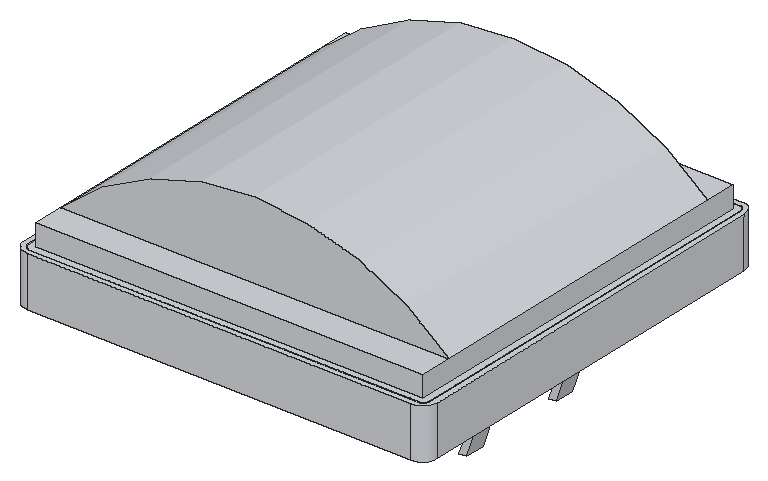
Revit family "Gira_537326", category Electrical Fixtures, host Face, Revit 2017
Family settings
  Host = Face
  Maintain Annotation Orientation = Yes
  Round Connector Dimension = Use Diameter
  Part Type = Normal
  Cut with Voids When Loaded = No
  Shared = No
  Room Calculation Point = No
Parameters (values of type "S3000 motion detec.top 1.10 m Standard System 55 c.alum.")
  URL = "http://katalog.gira.de/en/datenblatt.html?artikelnr=537326"
  Name = "S3000 motion detec.top 1.10 m Standard System 55 c.alum."
  Model = "Movement sensor"
  Manufacturer URL = "https://www.gira.de/"
  Manufacturer = "Gira"
  Keynote = ""
  HeinzeBIM = "https://bimportal.heinze.de/bim/s3000-motion-detec-top-1-10-m-standard-system-55-c-alum-/be705af328c014445bbf4d2d224fa9833662dc45"
  HAN = "537326"
  GTIN = "4010337049715"
  Description = "S3000 mot.det.top 1.10m Std Sys55 CAl,System 3000 motion detector top unit 1.10 m Standard,System 55,colour aluminium,Features:,- Automatic switching of lighting, depending on the movement of heat and ambient brightness.,- Operation with System 3000 switching or dimming insert or 3-wire auxiliary insert.,- Expansion of the detection range in combination with the 3-wire auxiliary insert.,- Adjustable brightness threshold.,- Sensitivity adjustable in four steps.,- When connecting a System 3000 auxiliary insert with an operating top unit or mechanical button to the main unit, the lighting can be switched on or dimmed for the duration of the delay time.,With System 3000 dimming insert:,- Switch on with the last brightness set, or a saved switch-on brightness.,- The switch-on brightness can only be saved permanently via the System 3000 auxiliary insert with operating top unit.,,Notes :,- The detection range is aligned horizontally and when used outdoors may fail to identify a boundary. When installing outdoors, find an appropriate location or use the 2.20 m motion detector top unit."
  Default Elevation = 1219.2 mm
  Data sheet (1) = "https://katalog.gira.de/en/download.html?artikelnr=537326"
  Category = "Sensor element for movement sensor"
  BIM (1) = "https://media.stage.bim.site/public/gira/36a6b08/Bewegungsmelder_1,10m.rfa"
  Available = "No"
Reference planes
  plane 1 "Center (Front/Back)": y = 0
  plane 2: z = 0
  plane 3 "Center (Left/Right)": x = 0
Forms (mm)
  Extrusion 1, solid, detail levels fine
    sketch origin (0, 0, 0) x (1, 0, 0) y (0, 0, 1)
      loop
        line (-33.025, 12.126) -> (33.025, 12.126)
        arc (33.025, 12.126) -> (0, 25.3) -> (-33.025, 12.126) r 47.982
    from -27.6 to 27.6
  Extrusion 2, solid, detail levels fine
    sketch origin (0, 0, 0) x (1, 0, 0) y (0, 1, 0)
      loop
        line (33.025, 33.025) -> (-33.025, 33.025) -> (-33.025, -33.025) -> (33.025, -33.025) -> (33.025, 33.025)
    from 8.55 to 12.126
  Extrusion 3, solid, detail levels fine
    sketch origin (0, 0, 0) x (1, 0, 0) y (0, 1, 0)
      loop
        spline (-32.7, 35.2) -> (-33.027, 35.179) -> (-33.347, 35.115) -> (-33.657, 35.01) -> (-33.95, 34.865) -> (-34.222, 34.683) -> (-34.468, 34.468) -> (-34.683, 34.222) -> (-34.865, 33.95) -> (-35.01, 33.657) -> (-35.115, 33.347) -> (-35.179, 33.027) -> (-35.2, 32.7)
        line (-35.2, 32.7) -> (-35.2, -32.7)
        spline (-35.2, -32.7) -> (-35.179, -33.027) -> (-35.115, -33.347) -> (-35.01, -33.657) -> (-34.865, -33.95) -> (-34.683, -34.222) -> (-34.468, -34.468) -> (-34.222, -34.683) -> (-33.95, -34.865) -> (-33.657, -35.01) -> (-33.347, -35.115) -> (-33.027, -35.179) -> (-32.7, -35.2)
        line (-32.7, -35.2) -> (32.7, -35.2)
        spline (32.7, -35.2) -> (33.027, -35.179) -> (33.347, -35.115) -> (33.657, -35.01) -> (33.95, -34.865) -> (34.222, -34.683) -> (34.468, -34.468) -> (34.683, -34.222) -> (34.865, -33.95) -> (35.01, -33.657) -> (35.115, -33.347) -> (35.179, -33.027) -> (35.2, -32.7)
        line (35.2, -32.7) -> (35.2, 32.7)
        spline (35.2, 32.7) -> (35.179, 33.027) -> (35.115, 33.347) -> (35.01, 33.657) -> (34.865, 33.95) -> (34.683, 34.222) -> (34.468, 34.468) -> (34.222, 34.683) -> (33.95, 34.865) -> (33.657, 35.01) -> (33.347, 35.115) -> (33.027, 35.179) -> (32.7, 35.2)
        line (32.7, 35.2) -> (-32.7, 35.2)
      loop
        line (-34.2, 33.2) -> (-34.2, -33.2)
        spline (-34.2, -33.2) -> (-34.191, -33.331) -> (-34.166, -33.459) -> (-34.124, -33.583) -> (-34.066, -33.7) -> (-33.993, -33.809) -> (-33.907, -33.907) -> (-33.809, -33.993) -> (-33.7, -34.066) -> (-33.583, -34.124) -> (-33.459, -34.166) -> (-33.331, -34.191) -> (-33.2, -34.2)
        line (-33.2, -34.2) -> (33.2, -34.2)
        spline (33.2, -34.2) -> (33.331, -34.191) -> (33.459, -34.166) -> (33.583, -34.124) -> (33.7, -34.066) -> (33.809, -33.993) -> (33.907, -33.907) -> (33.993, -33.809) -> (34.066, -33.7) -> (34.124, -33.583) -> (34.166, -33.459) -> (34.191, -33.331) -> (34.2, -33.2)
        line (34.2, -33.2) -> (34.2, 33.2)
        spline (34.2, 33.2) -> (34.191, 33.331) -> (34.166, 33.459) -> (34.124, 33.583) -> (34.066, 33.7) -> (33.993, 33.809) -> (33.907, 33.907) -> (33.809, 33.993) -> (33.7, 34.066) -> (33.583, 34.124) -> (33.459, 34.166) -> (33.331, 34.191) -> (33.2, 34.2)
        line (33.2, 34.2) -> (-33.2, 34.2)
        spline (-33.2, 34.2) -> (-33.331, 34.191) -> (-33.459, 34.166) -> (-33.583, 34.124) -> (-33.7, 34.066) -> (-33.809, 33.993) -> (-33.907, 33.907) -> (-33.993, 33.809) -> (-34.066, 33.7) -> (-34.124, 33.583) -> (-34.166, 33.459) -> (-34.191, 33.331) -> (-34.2, 33.2)
    from 0 to 8.55
  Extrusion 4, solid, detail levels fine
    sketch origin (0, 0, 0) x (1, 0, 0) y (0, 1, 0)
      loop
        line (-34.2, 33.2) -> (-34.2, -33.2)
        spline (-34.2, -33.2) -> (-34.191, -33.331) -> (-34.166, -33.459) -> (-34.124, -33.583) -> (-34.066, -33.7) -> (-33.993, -33.809) -> (-33.907, -33.907) -> (-33.809, -33.993) -> (-33.7, -34.066) -> (-33.583, -34.124) -> (-33.459, -34.166) -> (-33.331, -34.191) -> (-33.2, -34.2)
        line (-33.2, -34.2) -> (33.2, -34.2)
        spline (33.2, -34.2) -> (33.331, -34.191) -> (33.459, -34.166) -> (33.583, -34.124) -> (33.7, -34.066) -> (33.809, -33.993) -> (33.907, -33.907) -> (33.993, -33.809) -> (34.066, -33.7) -> (34.124, -33.583) -> (34.166, -33.459) -> (34.191, -33.331) -> (34.2, -33.2)
        line (34.2, -33.2) -> (34.2, 33.2)
        spline (34.2, 33.2) -> (34.191, 33.331) -> (34.166, 33.459) -> (34.124, 33.583) -> (34.066, 33.7) -> (33.993, 33.809) -> (33.907, 33.907) -> (33.809, 33.993) -> (33.7, 34.066) -> (33.583, 34.124) -> (33.459, 34.166) -> (33.331, 34.191) -> (33.2, 34.2)
        line (33.2, 34.2) -> (-33.2, 34.2)
        spline (-33.2, 34.2) -> (-33.331, 34.191) -> (-33.459, 34.166) -> (-33.583, 34.124) -> (-33.7, 34.066) -> (-33.809, 33.993) -> (-33.907, 33.907) -> (-33.993, 33.809) -> (-34.066, 33.7) -> (-34.124, 33.583) -> (-34.166, 33.459) -> (-34.191, 33.331) -> (-34.2, 33.2)
    from 6.175 to 8.55
  Extrusion 5, solid, detail levels fine
    sketch origin (0, 0, 0) x (1, 0, 0) y (0, 1, 0)
      loop
        spline (-27.7, -27.1) -> (-27.696, -27.165) -> (-27.683, -27.229) -> (-27.662, -27.291) -> (-27.633, -27.35) -> (-27.597, -27.404) -> (-27.554, -27.454) -> (-27.504, -27.497) -> (-27.45, -27.533) -> (-27.391, -27.562) -> (-27.329, -27.583) -> (-27.265, -27.596) -> (-27.2, -27.6)
        line (-27.2, -27.6) -> (27.2, -27.6)
        spline (27.2, -27.6) -> (27.265, -27.596) -> (27.329, -27.583) -> (27.391, -27.562) -> (27.45, -27.533) -> (27.504, -27.497) -> (27.554, -27.454) -> (27.597, -27.404) -> (27.633, -27.35) -> (27.662, -27.291) -> (27.683, -27.229) -> (27.696, -27.165) -> (27.7, -27.1)
        line (27.7, -27.1) -> (27.7, 27.1)
        spline (27.7, 27.1) -> (27.696, 27.165) -> (27.683, 27.229) -> (27.662, 27.291) -> (27.633, 27.35) -> (27.597, 27.404) -> (27.554, 27.454) -> (27.504, 27.497) -> (27.45, 27.533) -> (27.391, 27.562) -> (27.329, 27.583) -> (27.265, 27.596) -> (27.2, 27.6)
        line (27.2, 27.6) -> (-27.2, 27.6)
        spline (-27.2, 27.6) -> (-27.265, 27.596) -> (-27.329, 27.583) -> (-27.391, 27.562) -> (-27.45, 27.533) -> (-27.504, 27.497) -> (-27.554, 27.454) -> (-27.597, 27.404) -> (-27.633, 27.35) -> (-27.662, 27.291) -> (-27.683, 27.229) -> (-27.696, 27.165) -> (-27.7, 27.1)
        line (-27.7, 27.1) -> (-27.7, -27.1)
      loop
        line (26.9, 26.8) -> (-26.9, 26.8) -> (-26.9, -26.8) -> (26.9, -26.8) -> (26.9, 26.8)
    from 0 to 6.175
  Extrusion 6, solid, detail levels fine
    sketch origin (0, 0, 0) x (1, 0, 0) y (0, 1, 0)
      loop
        line (-15.4, -23.928) -> (15.4, -23.928)
        arc (15.4, -23.928) -> (21.43, -21.43) -> (23.928, -15.4) r 8.528
        line (23.928, -15.4) -> (23.928, 15.4)
        arc (23.928, 15.4) -> (21.43, 21.43) -> (15.4, 23.928) r 8.528
        line (15.4, 23.928) -> (-15.4, 23.928)
        arc (-15.4, 23.928) -> (-21.43, 21.43) -> (-23.928, 15.4) r 8.528
        line (-23.928, 15.4) -> (-23.928, -15.4)
        arc (-23.928, -15.4) -> (-21.43, -21.43) -> (-15.4, -23.928) r 8.528
    from -0.985 to 1.6
  Extrusion 7, solid, detail levels fine
    sketch origin (0, 0, 0) x (1, 0, 0) y (0, 1, 0)
      loop
        line (-26.35, 18.301) -> (-26.35, -18.801)
        spline (-26.35, -18.801) -> (-26.286, -19.78) -> (-26.095, -20.742) -> (-25.779, -21.671) -> (-25.345, -22.551) -> (-24.8, -23.366) -> (-24.154, -24.104) -> (-23.416, -24.75) -> (-22.601, -25.295) -> (-21.721, -25.729) -> (-20.792, -26.045) -> (-19.83, -26.236) -> (-18.851, -26.3)
        line (-18.851, -26.3) -> (18.851, -26.3)
        spline (18.851, -26.3) -> (19.83, -26.236) -> (20.792, -26.045) -> (21.721, -25.729) -> (22.601, -25.295) -> (23.416, -24.75) -> (24.154, -24.104) -> (24.8, -23.366) -> (25.345, -22.551) -> (25.779, -21.671) -> (26.094, -20.742) -> (26.286, -19.78) -> (26.35, -18.801)
        line (26.35, -18.801) -> (26.35, 18.301)
        spline (26.35, 18.301) -> (26.286, 19.28) -> (26.094, 20.242) -> (25.779, 21.171) -> (25.345, 22.051) -> (24.8, 22.866) -> (24.154, 23.604) -> (23.416, 24.25) -> (22.601, 24.795) -> (21.721, 25.229) -> (20.792, 25.545) -> (19.83, 25.736) -> (18.851, 25.8)
        line (18.851, 25.8) -> (-18.851, 25.8)
        spline (-18.851, 25.8) -> (-19.83, 25.736) -> (-20.792, 25.545) -> (-21.721, 25.229) -> (-22.601, 24.795) -> (-23.416, 24.25) -> (-24.154, 23.604) -> (-24.8, 22.866) -> (-25.345, 22.051) -> (-25.779, 21.171) -> (-26.095, 20.242) -> (-26.286, 19.28) -> (-26.35, 18.301)
    from 1.6 to 6.1
  Extrusion 8, solid, detail levels fine
    sketch origin (0, 0, 0) x (1, 0, 0) y (0, 0, 1)
      loop
        line (-23.048, -13.343) -> (-21.665, -13.513) -> (-24.338, -6.363) -> (-23.36, 1.6) -> (-25.023, 1.6) -> (-24.975, -1.121) -> (-25.39, -6.541) -> (-23.048, -13.343)
      loop
        line (23.048, -13.343) -> (25.39, -6.541) -> (24.975, -1.121) -> (25.023, 1.6) -> (23.36, 1.6) -> (24.338, -6.363) -> (21.665, -13.513) -> (23.048, -13.343)
    from 7.9 to 11.14
  Extrusion 9, solid, detail levels fine
    sketch origin (0, 0, 0) x (1, 0, 0) y (0, 0, -1)
      loop
        line (-23.048, 13.343) -> (-25.39, 6.541) -> (-24.975, 1.121) -> (-25.023, -1.6) -> (-23.36, -1.6) -> (-24.338, 6.363) -> (-21.665, 13.513) -> (-23.048, 13.343)
      loop
        line (23.048, 13.343) -> (21.665, 13.513) -> (24.338, 6.363) -> (23.36, -1.6) -> (25.023, -1.6) -> (24.975, 1.121) -> (25.39, 6.541) -> (23.048, 13.343)
    from 7.9 to 11.14
  Extrusion 10, solid, detail levels fine
    sketch origin (0, 0, 0) x (1, 0, 0) y (0, 1, 0)
      loop
        line (-5.141, 20.681) -> (-5.141, 15.099)
        spline (-5.141, 15.099) -> (-5.133, 14.968) -> (-5.107, 14.84) -> (-5.065, 14.716) -> (-5.007, 14.599) -> (-4.935, 14.49) -> (-4.849, 14.391) -> (-4.75, 14.305) -> (-4.641, 14.233) -> (-4.524, 14.175) -> (-4.4, 14.133) -> (-4.272, 14.107) -> (-4.141, 14.099)
        line (-4.141, 14.099) -> (4.141, 14.099)
        spline (4.141, 14.099) -> (4.272, 14.107) -> (4.4, 14.133) -> (4.524, 14.175) -> (4.641, 14.233) -> (4.75, 14.305) -> (4.849, 14.391) -> (4.935, 14.49) -> (5.007, 14.599) -> (5.065, 14.716) -> (5.107, 14.84) -> (5.133, 14.968) -> (5.141, 15.099)
        line (5.141, 15.099) -> (5.141, 20.681)
        spline (5.141, 20.681) -> (5.133, 20.812) -> (5.107, 20.94) -> (5.065, 21.064) -> (5.007, 21.181) -> (4.935, 21.29) -> (4.849, 21.389) -> (4.75, 21.475) -> (4.641, 21.547) -> (4.524, 21.605) -> (4.4, 21.647) -> (4.272, 21.673) -> (4.141, 21.681)
        line (4.141, 21.681) -> (-4.141, 21.681)
        spline (-4.141, 21.681) -> (-4.272, 21.673) -> (-4.4, 21.647) -> (-4.524, 21.605) -> (-4.641, 21.547) -> (-4.75, 21.475) -> (-4.849, 21.389) -> (-4.935, 21.29) -> (-5.007, 21.181) -> (-5.065, 21.064) -> (-5.107, 20.94) -> (-5.133, 20.812) -> (-5.141, 20.681)
    from -17.3 to -0.985
  Extrusion 11, solid, detail levels medium
    sketch origin (0, 0, 0) x (1, 0, 0) y (0, 1, 0)
      loop
        line (33.025, 33.025) -> (-33.025, 33.025) -> (-33.025, -33.025) -> (33.025, -33.025) -> (33.025, 33.025)
    from 8.55 to 25.3
  Extrusion 12, solid, detail levels medium
    sketch origin (0, 0, 0) x (1, 0, 0) y (0, 1, 0)
      loop
        line (-35.2, 35.2) -> (-35.2, -35.2) -> (35.2, -35.2) -> (35.2, 35.2) -> (-35.2, 35.2)
    from 0 to 8.55
  Extrusion 13, solid, detail levels medium
    sketch origin (0, 0, 0) x (1, 0, 0) y (0, 0, 1)
      loop
        line (-25.023, 1.6) -> (-25.023, -13.1) -> (-21.665, -13.513) -> (-21.665, 1.6) -> (-25.023, 1.6)
      loop
        line (25.023, 1.6) -> (21.665, 1.6) -> (21.665, -13.513) -> (25.023, -13.1) -> (25.023, 1.6)
    from 8 to 11.14
  Extrusion 14, solid, detail levels medium
    sketch origin (0, 0, 0) x (1, 0, 0) y (0, 0, -1)
      loop
        line (-25.023, -1.6) -> (-21.665, -1.6) -> (-21.665, 13.513) -> (-25.023, 13.1) -> (-25.023, -1.6)
      loop
        line (25.023, -1.6) -> (25.023, 13.1) -> (21.665, 13.513) -> (21.665, -1.6) -> (25.023, -1.6)
    from 8 to 11.14
  Extrusion 15, solid, detail levels medium
    sketch origin (0, 0, 0) x (1, 0, 0) y (0, 1, 0)
      loop
        line (-5.141, 21.681) -> (-5.141, 14.099) -> (5.141, 14.099) -> (5.141, 21.681) -> (-5.141, 21.681)
    from -17.3 to -0.985
  Extrusion 16, solid, detail levels coarse
    sketch origin (0, 0, 0) x (1, 0, 0) y (0, 1, 0)
      loop
        line (-35.2, 35.2) -> (-35.2, -35.2) -> (35.2, -35.2) -> (35.2, 35.2) -> (-35.2, 35.2)
    from -17.3 to 25.3
Dimensions and locks
  aligned and locked: plane 2 to host face
  aligned and locked: level to host face
  aligned and locked: nested 1 to plane 3 "Center (Left/Right)"
  aligned and locked: plane 1 "Center (Front/Back)" to nested 1
Nested families
  nested 1: "Belegungssensor - Bewegung - Aufputz - Beschriftung" at (0, 0, 0) x (0, -1, 0) z (0, 0, 1), type "Belegungssensor - Bewegung - Aufputz - Beschriftung"
Connectors
  electrical at (0, 0, -17.3)
    settings: on Extrusion 16, index 1, voltage 220 V, apparent load 0 VA, apparent load phase1 0 VA, apparent load phase2 0 VA, apparent load phase3 0 VA, power factor 1, load classification "Other", number of poles 1, system type 30, power factor state 1, is connector primary yes, connector utility no, sub classification motor no, connector description ""
Definition of nested family "Belegungssensor - Bewegung - Aufputz - Beschriftung"
  Reference planes
    plane 1: y = 0
    plane 2: x = 0
  Lines and regions (mm)
    Filled region 1, type "Gefüllter Bereich 1"
      outline origin (143.425, -20.712, 0) x (1, 0, 0) y (0, 1, 0)
        loop
          line (-148.697, 21.204) -> (-148.697, 20.409) -> (-147.583, 20.807) -> (-148.697, 21.204)
    Filled region 2, type "Gefüllter Bereich 1"
      outline origin (141.808, 30.001, 0) x (0.939693, 0.34202, 0) y (-0.34202, 0.939693, 0)
        loop
          line (-148.694, 21.203) -> (-148.694, 20.41) -> (-147.583, 20.807) -> (-148.694, 21.203)
    Filled region 3, type "Gefüllter Bereich 1"
      outline origin (141.819, -29.825, 0) x (-0.34202, -0.939693, 0) y (0.939693, -0.34202, 0)
        loop
          line (21.204, -148.697) -> (20.807, -147.583) -> (20.409, -148.697) -> (21.204, -148.697)
    detail lines
      curve 1: line (-1.207, 0.095, 0) -> (-3.486, 1.411, 0)
      curve 2: line (-1.207, 0.095, 0) -> (-3.486, -1.221, 0)
      curve 5: arc (-3.252, 1.752, 0) -> (-3.839, 0.095, 0) -> (-3.252, -1.562, 0) r 2.632
      curve 6: line (-6, 3, 0) -> (0, 3, 0)
      curve 7: line (-6, -3, 0) -> (-6, 3, 0)
      curve 8: line (0, -3, 0) -> (-6, -3, 0)
      curve 9: line (0, 3, 0) -> (0, -3, 0)
    reference lines
      curve 3: line (-1.207, 0.095, 0) -> (-3.616, 2.046, 0)
      curve 4: line (-1.207, 0.095, 0) -> (-3.616, -1.856, 0)
  Dimensions and locks
    curve 1 to curve 1 = 2.632 mm
    curve 2 to curve 2 = 2.632 mm
    curve 6 to curve 8 = 6 mm
    curve 7 to curve 9 = 6 mm
    angle curve 1 to curve 2 = 60.00°
    aligned and locked: curve 6 to curve 7
    aligned and locked: curve 9 to curve 9
